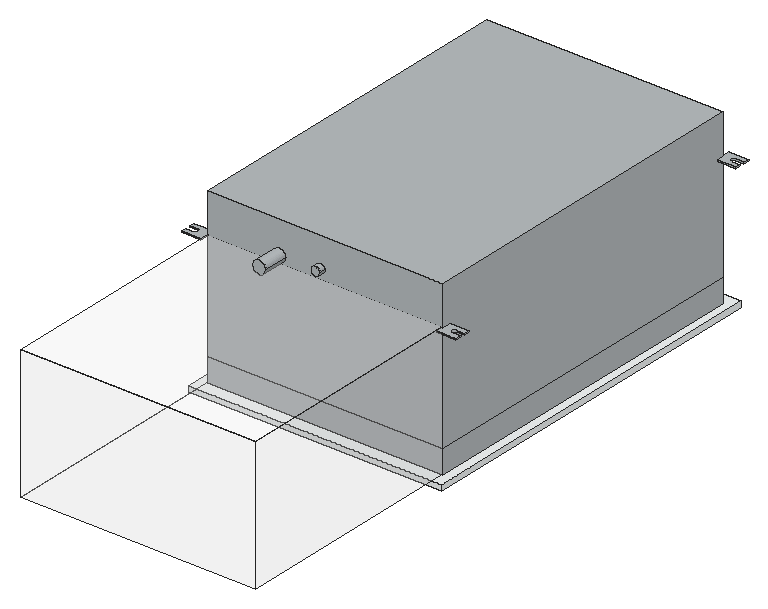
Revit family "tka-2200c-50_50Hz", category 機械設備, Revit 2019
Family settings
  丸型コネクタ寸法 = 直径を使用
  パーツ タイプ = 標準
  OmniClass 番号 = 23.75.10.34.21
  OmniClass タイトル = Heat Exchangers for Ventilation Air
  作業面ベース = いいえ
  常に垂直 = はい
  ロード時にボイドで切り取り = いいえ
  共有 = いいえ
  部屋計算ポイント = はい
Parameters (values of type "TKA-2200C-50")
  高さ調整可能範囲 = 60 mm
  騒音レベル(dB(A)) = 39
  風量 = 630.0 m³/h
  面風速 = 0.0 m/s
  電源種別 [instance] = "一般"
  電圧 = 100 V
  電動機出力 = 0 W
  集中コントローラ = ""
  運転質量 = 0.00 kg
  連動 [instance] = ""
  質量 = if(製品質量 > 運転質量, 製品質量, 運転質量) * 1.2  # 48.00 kg
  負荷分類 = 3_ファン類
  説明 = "業務用単独加湿ユニット カセット形"
  設計風量 = 0.0 m³/h
  設置方法 = "カセット形"
  記号 [instance] = ""
  製造元 = "MITSUBISHI ELECTRIC"
  製品質量 = 40.00 kg
  製品出荷対象 = "国内"
  製品リリース年月 = "2020/12/1"
  製品グループ = ""
  給水管_W = 314 mm
  給水管_H = 305 mm
  給水管_Depth = 15.7 mm
  系統 [instance] = ""
  符号 = "HUM"
  積算_科目 = "1 空気調和設備"
  積算_拾い区分 [instance] = ""
  相 = 1
  盤記号 [instance] = ""
  発停方法 [instance] = "別売リモコン"
  特殊仕様 [instance] = ""
  点検口高さ = 0 mm
  点検口離隔 = 150 mm
  点検口_Depth = 450 mm
  点検口 = yes
  火災停止 [instance] = ""
  温度交換効率 = 0.00%
  消費電力_加湿器 = 0 W
  消費電力 = 96 W
  法定耐用年数 = "15"
  機外静圧_排気 = 0.0 Pa
  機外静圧 = 0.0 Pa
  構成部品 = "インテリアパネル"
  極数 = 2
  材質 [instance] = ""
  本体マテリアル = 溶融亜鉛めっき鋼板
  有効加湿量 = 2.2
  操作・制御方式 = ""
  操作・制御スイッチ = ""
  排気量 = 0.0 m³/h
  形式_加湿器 = ""
  形式 = "滴下浸透気化式"
  幹線記号 [instance] = ""
  対象室 [instance] = ""
  実風量 = 0.0 m³/h
  始動方式 [instance] = "直入"
  天吊金具_径 = 6.5 mm
  天吊金具_幅 = 20 mm
  外気量 = 0.0 m³/h
  呼称 = "加湿器"
  周波数 = 50 Hz
  天吊金具ピッチ2 = 897 mm
  天吊金具ピッチ1 = 664 mm
  天吊金具_高さ = 100 mm
  参照している仕様書等のバージョン = ""
  加湿給水管径 = 21.7 mm
  初期抵抗 = 0.0 Pa
  分類コード = "50052504100080"
  分類グループ = ""
  価格 = 298000
  企業コード = "108420"
  付属品_フィルター_還気 = ""
  付属品_フィルター = ""
  付属品 [instance] = ""
  仕様書バージョン = "Version1.0"
  モデル = "TKA-2200C-50"
  メンテナンススペース = yes
  パネルマテリアル = 樹脂成形
  ドレン管径 = 32 mm
  ドレン管_W = 420 mm
  ドレン管_H = 298 mm
  ドレン管_Depth = 63.5 mm
  コメント [instance] = ""
  Keynote = ""
  エンタルピ交換効率_暖房 = 0.00%
  エンタルピ交換効率_冷房 = 0.00%
  Assembly Code = ""
  Width = 604 mm
  Version = ""
  Uniclass2015Version = "Systems v1.9"
  Uniclass2015Title = "Thermal wheels"
  Uniclass2015Code = "Pr_60_60_36_88"
  URL = "https://www.mitsubishielectric.co.jp/ldg/wink/ssl/displayProduct.do?pid=309469"
  SpecificationReference = ""
  SpecificationDescription = ""
  SAサイズ_D = 0 mm
  Revision = ""
  RAサイズ_D = 0 mm
  ProductInformation = ""
  Panel_Width = 647 mm
  Panel_Height = 15 mm
  Panel_Depth = 960 mm
  OmniClassCode = "23-27 23 19 11"
  OAサイズ_W = 0 mm
  OAサイズ_D = 0 mm
  MIN風量 = 370.0 m³/h
  MIN静圧 = 0.0 Pa
  MAX風量 = 630.0 m³/h
  MAX静圧 = 0.0 Pa
  IfcTypeProduct = ""
  IfcProduct = ""
  IfcExportType = "ROTARYWHEEL"
  IfcExportAs = "IfcAirToAirHeatRecoveryType"
  Height = 380 mm
  EAサイズ_W = 0 mm
  EAサイズ_D = 0 mm
  Depth = 897 mm
  Clearance Top = 340 mm
  Clearance Left = 600 mm
  Clearance Front = 600 mm
  Author = "MITSUBISHI ELECTRIC"
Reference planes
  plane 1 "中心(正面/背面)": y = 0
  plane 2: z = 0
  plane 3 "中心(左/右)": x = 0
  plane 4: x = -302
  plane 5: x = 302
  plane 6: y = 448.5
  plane 7: y = -448.5
  plane 8: x = -332
  plane 9: x = 332
  plane 10: y = 448.5
  plane 11: y = -448.5
  plane 12: x = -352
  plane 13: y = 468.5
  plane 14: y = 428.5
  plane 15: y = -428.5
  plane 16: y = -468.5
  plane 17: z = 340
  plane 18: z = 337
  plane 19: x = 352
  plane 20: z = 440
  plane 21: y = -1048.5
  plane 22: y = -598.5
  plane 23: x = 225
  plane 24: x = -225
  plane 25: x = -323.5
  plane 26: x = 323.5
  plane 27: y = 480
  plane 28: y = -480
  plane 29: z = 60
  plane 30: z = -15
  plane 31: z = 340
  plane 32: z = 365
  plane 33: x = -12
  plane 34: x = -118
  plane 35: z = 358
  plane 36: y = -512
  plane 37: y = -464.2
Forms (mm)
  Extrusion 1, solid, material "溶融亜鉛めっき鋼板" <- "本体マテリアル", detail levels fine
    sketch origin (0, 0, 0) x (1, 0, 0) y (0, 1, 0)
      loop
        line (-302, 448.5) -> (-302, -448.5) -> (302, -448.5) -> (302, 448.5) -> (-302, 448.5)
    from 440 to 60
  Extrusion 2, solid, material "溶融亜鉛めっき鋼板" <- "本体マテリアル", detail levels fine
    sketch origin (0, 0, 0) x (1, 0, 0) y (0, 1, 0)
      loop
        line (-352, 468.5) -> (-352, 455) -> (-332, 455)
        arc (-332, 455) -> (-325.5, 448.5) -> (-332, 442) r 6.5
        line (-332, 442) -> (-352, 442) -> (-352, 428.5) -> (-302, 428.5) -> (-302, 468.5) -> (-352, 468.5)
    from 340 to 337
  Extrusion 3, solid, material "溶融亜鉛めっき鋼板" <- "本体マテリアル", detail levels fine
    sketch origin (0, 0, 0) x (1, 0, 0) y (0, 1, 0)
      loop
        line (-352, -468.5) -> (-302, -468.5) -> (-302, -428.5) -> (-352, -428.5) -> (-352, -442) -> (-332, -442)
        arc (-332, -442) -> (-325.5, -448.5) -> (-332, -455) r 6.5
        line (-332, -455) -> (-352, -455) -> (-352, -468.5)
    from 340 to 337
  Extrusion 4, solid, material "溶融亜鉛めっき鋼板" <- "本体マテリアル", detail levels fine
    sketch origin (0, 0, 0) x (-1, 0, 0) y (0, -1, 0)
      loop
        line (-352, 468.5) -> (-352, 455) -> (-332, 455)
        arc (-332, 455) -> (-325.5, 448.5) -> (-332, 442) r 6.5
        line (-332, 442) -> (-352, 442) -> (-352, 428.5) -> (-302, 428.5) -> (-302, 468.5) -> (-352, 468.5)
    from 340 to 337
  Extrusion 5, solid, material "溶融亜鉛めっき鋼板" <- "本体マテリアル", detail levels fine
    sketch origin (0, 0, 0) x (-1, 0, 0) y (0, -1, 0)
      loop
        line (-352, -468.5) -> (-302, -468.5) -> (-302, -428.5) -> (-352, -428.5) -> (-352, -442) -> (-332, -442)
        arc (-332, -442) -> (-325.5, -448.5) -> (-332, -455) r 6.5
        line (-332, -455) -> (-352, -455) -> (-352, -468.5)
    from 340 to 337
  Extrusion 6, solid, material "溶融亜鉛めっき鋼板" <- "本体マテリアル"
    sketch origin (0, 0, 0) x (1, 0, 0) y (0, 1, 0)
      loop
        line (302, 448.5) -> (-302, 448.5) -> (-302, -448.5) -> (302, -448.5) -> (302, 448.5)
    from 0 to 60
  Extrusion 7, solid, material "樹脂成形" <- "パネルマテリアル"
    sketch origin (0, 0, 0) x (1, 0, 0) y (0, 1, 0)
      loop
        line (323.5, 480) -> (-323.5, 480) -> (-323.5, -480) -> (323.5, -480) -> (323.5, 480)
    from -15 to 0
  Extrusion 8, solid, material "溶融亜鉛めっき鋼板" <- "本体マテリアル"
    sketch origin (0, 0, 0) x (1, 0, 0) y (0, 0, 1)
      loop
        circle (-12, 365) r 10.85
    from 448.5 to 464.2
  Extrusion 9, solid, material "溶融亜鉛めっき鋼板" <- "本体マテリアル"
    sketch origin (0, 0, 0) x (1, 0, 0) y (0, 0, 1)
      loop
        circle (-118, 358) r 16
    from 448.5 to 512
Lines and regions (mm)
  Masking region 1, detail levels coarse+medium
    outline origin (1326.5, 29, 0) x (1, 0, 0) y (0, 1, 0)
      loop
        line (-1628.5, 419.5) -> (-1628.5, -477.5) -> (-1024.5, -477.5) -> (-1024.5, 419.5) -> (-1628.5, 419.5)
  symbolic lines, detail levels coarse+medium
    curve 1: line (0, 448.5, 0) -> (-302, 0, 0)
    curve 2: line (-302, 0, 0) -> (0, -448.5, 0)
    curve 3: line (0, -448.5, 0) -> (302, 0, 0)
    curve 4: line (302, 0, 0) -> (0, 448.5, 0)
Dimensions and locks
  equal spacing: plane 4, plane 3 "中心(左/右)", plane 5
  "Width": plane 4 to plane 5
  equal spacing: plane 6, plane 1 "中心(正面/背面)", plane 7
  "Depth": plane 6 to plane 7
  equal spacing: plane 8, plane 3 "中心(左/右)", plane 9
  "天吊金具ピッチ1": plane 8 to plane 9
  equal spacing: plane 10, plane 1 "中心(正面/背面)", plane 11
  "天吊金具ピッチ2": plane 10 to plane 11
  equal spacing: plane 13, plane 10, plane 14
  locked: plane 13 to plane 14 at 40
  "天吊金具_幅": plane 12 to plane 8
  locked: plane 17 to plane 18 at 3
  equal spacing: plane 15, plane 11, plane 16
  locked: plane 15 to plane 16 at 40
  "天吊金具_幅": plane 9 to plane 19
  "天吊金具_高さ": plane 20 to plane 17
  "Clearance Front": plane 7 to plane 21
  "点検口離隔": plane 7 to plane 22
  equal spacing: plane 24, plane 3 "中心(左/右)", plane 23
  "点検口_Depth": plane 24 to plane 23
  equal spacing: plane 25, plane 3 "中心(左/右)", plane 26
  "Panel_Width": plane 25 to plane 26
  equal spacing: plane 27, plane 1 "中心(正面/背面)", plane 28
  "Panel_Depth": plane 27 to plane 28
  "Clearance Top": plane 31 to level
  "高さ調整可能範囲": plane 29 to level
  "Height": plane 20 to plane 29
  "Panel_Height": level to plane 30
  "給水管_H": plane 32 to plane 29
  "給水管_W": plane 5 to plane 33
  "ドレン管_H": plane 35 to plane 29
  "ドレン管_W": plane 5 to plane 34
  "ドレン管_Depth": plane 7 to plane 36
  "給水管_Depth": plane 7 to plane 37
  "天吊金具_径": radius of Extrusion 2 sketch curve
  "天吊金具_径": radius of Extrusion 3 sketch curve
  "天吊金具_径": radius of Extrusion 4 sketch curve
  "天吊金具_径": radius of Extrusion 5 sketch curve
  "加湿給水管径": diameter of Extrusion 8 sketch curve
  "ドレン管径": diameter of Extrusion 9 sketch curve
  aligned and locked: level to plane 2
  aligned and locked: Masking region 1 to plane 4
  aligned and locked: plane 5 to Masking region 1
  aligned and locked: plane 6 to Masking region 1
  aligned and locked: Masking region 1 to plane 7
  aligned and locked: plane 9 to nested 2
  aligned and locked: plane 8 to nested 2
  aligned and locked: nested 2 to plane 11
  aligned and locked: plane 10 to nested 2
  aligned and locked: plane 4 to Extrusion 2
  aligned and locked: Extrusion 2 to plane 12  (x2)
  aligned and locked: plane 13 to Extrusion 2
  aligned and locked: Extrusion 2 to plane 17
  aligned and locked: Extrusion 2 to plane 18
  aligned and locked: plane 4 to Extrusion 3
  aligned and locked: plane 15 to Extrusion 3
  aligned and locked: Extrusion 3 to plane 16
  aligned and locked: Extrusion 3 to plane 12  (x2)
  aligned and locked: Extrusion 3 to Extrusion 2  (x2)
  aligned and locked: Extrusion 5 to plane 19  (x2)
  aligned and locked: Extrusion 5 to plane 14
  aligned and locked: plane 13 to Extrusion 5
  aligned and locked: Extrusion 4 to plane 19
  aligned and locked: Extrusion 4 to plane 16
  aligned and locked: Extrusion 4 to plane 5
  aligned and locked: plane 15 to Extrusion 4
  aligned and locked: Extrusion 4 to plane 18
  aligned and locked: plane 17 to Extrusion 4
  aligned and locked: Extrusion 5 to plane 18
  aligned and locked: plane 17 to Extrusion 5
  aligned and locked: plane 20 to Extrusion 1
  aligned and locked: nested 1 to plane 21
  aligned and locked: nested 1 to plane 7
  aligned and locked: plane 21 to nested 3
  aligned and locked: plane 22 to nested 3
  aligned and locked: plane 23 to nested 3
  aligned and locked: plane 24 to nested 3
  aligned and locked: plane 6 to Extrusion 6 sketch curve
  aligned and locked: plane 5 to Extrusion 6 sketch curve
  aligned and locked: Extrusion 6 sketch curve to plane 7
  aligned and locked: Extrusion 6 sketch curve to plane 4
  aligned and locked: plane 31 to nested 1
  aligned and locked: plane 2 to nested 1
  aligned and locked: Extrusion 1 to plane 29
  aligned and locked: plane 29 to Extrusion 6
  aligned and locked: Extrusion 6 to level
  aligned and locked: plane 27 to Extrusion 7 sketch curve
  aligned and locked: plane 26 to Extrusion 7 sketch curve
  aligned and locked: Extrusion 7 sketch curve to plane 28
  aligned and locked: Extrusion 7 sketch curve to plane 25
  aligned and locked: Extrusion 7 to plane 30
  aligned and locked: level to Extrusion 7
  aligned and locked: Extrusion 8 to plane 37
  aligned and locked: plane 7 to Extrusion 8
  aligned and locked: Extrusion 9 to plane 36
  aligned and locked: plane 7 to Extrusion 9
  aligned and locked: plane 5 to nested 1
  aligned and locked: plane 4 to nested 1
Automatic sketch dimensions
  plane 1 "中心(正面/背面)" to curve 1 = 0 mm
  curve 1 to plane 4 = 0 mm
  curve 2 to plane 3 "中心(左/右)" = 0 mm
  curve 4 to plane 3 "中心(左/右)" = 0 mm
  plane 1 "中心(正面/背面)" to curve 4 = 0 mm
  curve 4 to plane 5 = 0 mm
  curve 2 to plane 7 = 0 mm
  curve 4 to plane 6 = 0 mm
  Extrusion 1 sketch curve to plane 4 = 0 mm
  Extrusion 1 sketch curve to plane 5 = 0 mm
  Extrusion 1 sketch curve to plane 7 = 0 mm
  Extrusion 1 sketch curve to plane 6 = 0 mm
  Masking region 1 sketch curve to plane 4 = 0 mm
  Masking region 1 sketch curve to plane 5 = 0 mm
  Masking region 1 sketch curve to plane 7 = 0 mm
  Masking region 1 sketch curve to plane 6 = 0 mm
  Extrusion 2 sketch curve to plane 12 = 0 mm  (x2)
  Extrusion 2 sketch curve to plane 8 = 0 mm
  Extrusion 2 sketch curve to plane 4 = 0 mm
  Extrusion 2 sketch curve to plane 14 = 0 mm
  Extrusion 2 sketch curve to plane 6 = 0 mm
  Extrusion 2 sketch curve to plane 13 = 0 mm
  Extrusion 3 sketch curve to plane 12 = 0 mm  (x2)
  Extrusion 3 sketch curve to plane 8 = 0 mm
  Extrusion 3 sketch curve to plane 4 = 0 mm
  Extrusion 3 sketch curve to plane 15 = 0 mm
  Extrusion 3 sketch curve to plane 7 = 0 mm
  Extrusion 3 sketch curve to plane 16 = 0 mm
  Extrusion 4 sketch curve to plane 16 = 0 mm
  Extrusion 4 sketch curve to plane 19 = 0 mm  (x2)
  Extrusion 4 sketch curve to plane 9 = 0 mm
  Extrusion 4 sketch curve to plane 5 = 0 mm
  Extrusion 4 sketch curve to plane 15 = 0 mm
  Extrusion 4 sketch curve to plane 7 = 0 mm
  Extrusion 5 sketch curve to plane 13 = 0 mm
  Extrusion 5 sketch curve to plane 19 = 0 mm  (x2)
  Extrusion 5 sketch curve to plane 9 = 0 mm
  Extrusion 5 sketch curve to plane 5 = 0 mm
  Extrusion 5 sketch curve to plane 14 = 0 mm
  Extrusion 5 sketch curve to plane 6 = 0 mm
  Extrusion 8 sketch curve to plane 32 = 0 mm
  Extrusion 8 sketch curve to plane 33 = 0 mm
  Extrusion 9 sketch curve to plane 34 = 0 mm
  Extrusion 9 sketch curve to plane 35 = 0 mm
Nested families
  nested 1: "メンテナンススペース" at (0, -748.5, 170), visible <- "メンテナンススペース", type "メンテナンススペース"
    with Width 604 mm, Height 340 mm, Depth 600 mm
  nested 2: "固定点" at (-332, -448.5, 0), type "固定点"
    with W 664 mm, D 897 mm
  nested 3: "点検口設置範囲" at (0, -823.5, 0), built-in parameter 1001364 <- "点検口高さ", visible <- "点検口", type "点検口設置範囲"
    with Width 450 mm, Depth 450 mm
Connectors
  electrical at (302, 0, 250), driven by "極数", driven by "負荷分類", driven by "電圧", driven by "消費電力"
    settings: on Extrusion 1, index 1, voltage 100 V, apparent load 96 VA, apparent load phase1 0 VA, apparent load phase2 0 VA, apparent load phase3 0 VA, power factor 1, load classification "3_ファン類", number of poles 2, system type 30, power factor state 1, is connector primary yes, connector utility no, sub classification motor no, connector description ""
Definition of nested family "メンテナンススペース"
  Parameters (values of type "メンテナンススペース")
    Width [instance] = 500 mm
    Height [instance] = 500 mm
    Depth [instance] = 500 mm
  Reference planes
    plane 1 "中心(正面/背面)": y = 0
    plane 2: z = 0
    plane 3 "中心(左/右)": x = 0
    plane 4: y = -250
    plane 5: x = 250
    plane 6: y = 250
    plane 7: x = -250
    plane 8: z = 250
    plane 9: z = -250
  Forms (mm)
    Extrusion 1, solid
      sketch origin (-638.939, 0, 72.39) x (1, 0, 0) y (0, 1, 0)
        loop
          line (388.939, 250) -> (388.939, -250) -> (888.939, -250) -> (888.939, 250) -> (388.939, 250)
      from -322.39 to 177.61
  Lines and regions (mm)
    symbolic lines
      curve 1: line (-250, 0, 250) -> (250, 0, 250)
      curve 2: line (-250, 0, -250) -> (-250, 0, 250)
      curve 3: line (250, 0, -250) -> (-250, 0, -250)
      curve 4: line (250, 0, 250) -> (250, 0, -250)
      curve 5: line (0, -250, 250) -> (0, 250, 250)
      curve 6: line (0, -250, -250) -> (0, -250, 250)
      curve 7: line (0, 250, -250) -> (0, -250, -250)
      curve 8: line (0, 250, 250) -> (0, 250, -250)
      curve 9: line (-250, 250, 0) -> (250, 250, 0)
      curve 10: line (-250, -250, 0) -> (-250, 250, 0)
      curve 11: line (250, -250, 0) -> (-250, -250, 0)
      curve 12: line (250, 250, 0) -> (250, -250, 0)
  Dimensions and locks
    equal spacing: plane 7, plane 3 "中心(左/右)", plane 5
    equal spacing: plane 4, plane 1 "中心(正面/背面)", plane 6
    "Depth": plane 4 to plane 6
    "Width": plane 7 to plane 5
    equal spacing: plane 8, plane 2, plane 9
    "Height": plane 8 to plane 9
    aligned and locked: plane 9 to curve 3
    aligned and locked: plane 7 to curve 2
    aligned and locked: curve 4 to plane 5
    aligned and locked: plane 5 to Extrusion 1
    aligned and locked: Extrusion 1 to plane 7
    aligned and locked: Extrusion 1 to plane 9
    aligned and locked: plane 8 to Extrusion 1
    aligned and locked: plane 9 to curve 7
  Automatic sketch dimensions
    plane 4 to Extrusion 1 sketch curve = 0 mm
    Extrusion 1 sketch curve to plane 7 = 0 mm
    Extrusion 1 sketch curve to plane 5 = 0 mm
    plane 6 to Extrusion 1 sketch curve = 0 mm
    curve 2 to plane 8 = 0 mm
    plane 4 to curve 11 = 0 mm
    curve 11 to plane 7 = 0 mm
    curve 11 to plane 5 = 0 mm
    plane 6 to curve 10 = 0 mm
    curve 7 to plane 4 = 0 mm
    curve 7 to plane 6 = 0 mm
    curve 6 to plane 8 = 0 mm
Definition of nested family "固定点"
  Parameters (values of type "固定点")
    中心円 = 20 mm
    W [instance] = 1000 mm
    D [instance] = 1000 mm
  Reference planes
    plane 1 "中心(正面/背面)": y = 0
    plane 2: z = 0
    plane 3 "中心(左/右)": x = 0
    plane 4: x = 1000
    plane 5: y = 1000
  Lines and regions (mm)
    symbolic lines, detail levels fine
      curve 1: circle (0, 1000, 0) r 10 normal (0, 0, 1)
      curve 2: circle (0, 0, 0) r 10 normal (0, 0, 1)
      curve 3: circle (1000, 1000, 0) r 10 normal (0, 0, 1)
      curve 4: circle (1000, 0, 0) r 10 normal (0, 0, 1)
      curve 5: line (-200, 1000, 0) -> (1200, 1000, 0)
      curve 6: line (-200, 0, 0) -> (1200, 0, 0)
      curve 7: line (0, 1200, 0) -> (0, -200, 0)
      curve 8: line (1000, 1200, 0) -> (1000, -200, 0)
  Dimensions and locks
    "W": plane 3 "中心(左/右)" to plane 4
    "D": plane 1 "中心(正面/背面)" to plane 5
    "中心円": diameter of curve 1
    "中心円": diameter of curve 2
    "中心円": diameter of curve 3
    "中心円": diameter of curve 4
    aligned and locked: level to plane 2
    aligned and locked: plane 5 to curve 1
    aligned and locked: plane 3 "中心(左/右)" to curve 1
    aligned and locked: plane 3 "中心(左/右)" to curve 2
    aligned and locked: plane 1 "中心(正面/背面)" to curve 2
    aligned and locked: plane 4 to curve 3
    aligned and locked: plane 5 to curve 3
    aligned and locked: plane 1 "中心(正面/背面)" to curve 4
    aligned and locked: plane 4 to curve 4
    aligned and locked: plane 1 "中心(正面/背面)" to curve 6
    aligned and locked: curve 7 to plane 3 "中心(左/右)"
    aligned and locked: curve 8 to plane 4
  Automatic sketch dimensions
    curve 5 to plane 5 = 0 mm
    curve 6 to plane 3 "中心(左/右)" = 200 mm
    curve 5 to plane 3 "中心(左/右)" = 200 mm
    curve 4 to curve 6 = 200 mm
    curve 3 to curve 5 = 200 mm
    plane 1 "中心(正面/背面)" to curve 8 = 200 mm
    plane 1 "中心(正面/背面)" to curve 7 = 200 mm
    curve 3 to curve 8 = 200 mm
    curve 1 to curve 7 = 200 mm
Definition of nested family "点検口設置範囲"
  Parameters (values of type "点検口設置範囲")
    Width [instance] = 1000 mm
    Depth [instance] = 700 mm
  Reference planes
    plane 1 "中心(正面/背面)": y = 0
    plane 2: z = 0
    plane 3 "中心(左/右)": x = 0
    plane 4: x = -500
    plane 5: x = 500
    plane 6: y = -350
    plane 7: y = 350
  Lines and regions (mm)
    model lines
      curve 1: line (-500, 350, 0) -> (500, 350, 0)
      curve 2: line (-500, -350, 0) -> (-500, 350, 0)
      curve 3: line (500, -350, 0) -> (-500, -350, 0)
      curve 4: line (500, 350, 0) -> (500, -350, 0)
  Dimensions and locks
    "Depth": plane 7 to plane 6
    "Width": plane 4 to plane 5
    equal spacing: plane 7, plane 1 "中心(正面/背面)", plane 6
    equal spacing: plane 4, plane 3 "中心(左/右)", plane 5
    aligned and locked: level to plane 2
    aligned and locked: plane 4 to curve 2
    aligned and locked: curve 1 to plane 7
    aligned and locked: curve 4 to plane 5
    aligned and locked: plane 6 to curve 3
